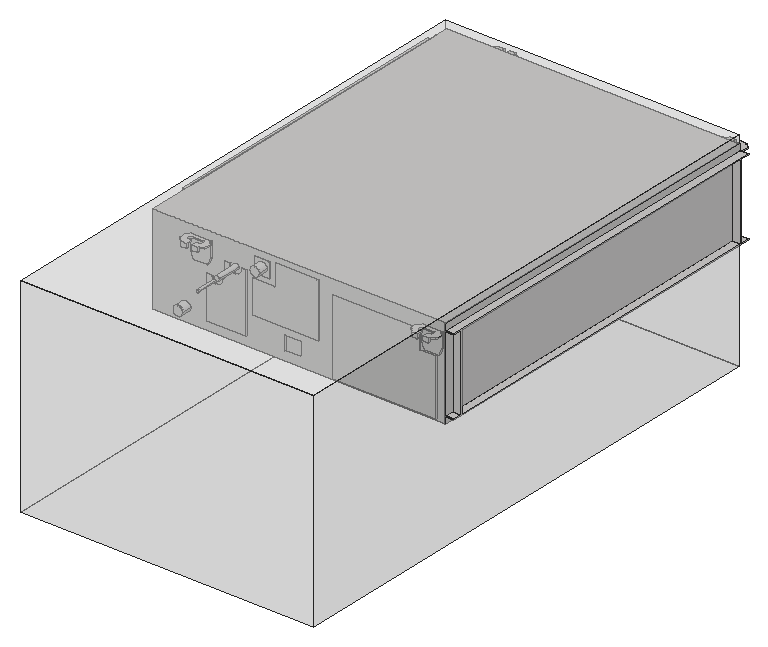
Revit family "outputfile", category 機械設備, Revit 2024
Family settings
  丸型コネクタ寸法 = 半径を使用
  パーツ タイプ = 標準
  OmniClass 番号 = 23.75.10.24.21.27.27
  OmniClass タイトル = Split System Air Conditioning Units
  作業面ベース = いいえ
  常に垂直 = はい
  ロード時にボイドで切り取り = いいえ
  注釈の向きを維持 = いいえ
  共有 = いいえ
  部屋計算ポイント = はい
Parameters (values of type "FBA50BAVMA8")
  製造元 = "Daikin"
  書き出し IFC クラス(タイプ) = "IfcUnitaryEquipmentType"
  定義済み IFC タイプ(タイプ) = "AIRCONDITIONINGUNIT"
  モデル = "FBA50BAVMA8"
  switch_frequency = yes
  r_Liquid Pipe Size = Liquid Pipe Size / 2  # 3.2 mm
  r_Gas Pipe Size = Gas Pipe Size / 2  # 6.35 mm
  r_Drain Pipe Size = Drain Pipe Size / 2  # 12.5 mm
  lw_power = 770.0 mm  # constant formula
  lh_SA = 138.0 mm  # constant formula
  lw_SA = if(Width = 550.0 mm, 225.0 mm, if(Width = 700.0 mm, 300.0 mm, if(Width = 1000.0 mm, 450.0 mm, if(Width = 1400.0 mm, 650.0 mm, 725.0 mm))))  # 450.0 mm
  lw_RA = if(Width = 550.0 mm, 275.0 mm, if(Width = 700.0 mm, 349.0 mm, if(Width = 1000.0 mm, 499.0 mm, if(Width = 1400.0 mm, 699.0 mm, 775.0 mm))))  # 499.0 mm
  lh_power = 60.0 mm + [h***]  # 60.0 mm
  lh_mountinghole1 = lh_mountinghole + [h***]  # 222.0 mm
  lh_RA = 123.0 mm  # constant formula
  ld_power = Width / 2  # 500.0 mm
  connector_voltage = Voltage_50Hz  # 230 V
  connector_powerinput = [Power Input (Cooling)]  # 1.370 kW
  connector_phase = Phase_50Hz  # 1
  Voltage_comment_60Hz = "220-230"
  Voltage_comment_50Hz = "220-240"
  Voltage_60Hz = 220 V
  Voltage_50Hz = 230 V
  Total Heating Capacity [instance] = 0.000 kW
  Supply Air Direction [instance] = yes
  Sound Power Level_H speed (dB) = 63
  Power Input (Heating) = 1.410 kW
  Phase_60Hz = 1
  Phase_50Hz = 1
  Nominal Heating Capacity = 6.000 kW
  Minimum External Static Pressure = 50.00 Pa
  Maximum External Static Pressure = 150.00 Pa
  Material_Casing = DAIKIN_GalvanizedSteel_Casing_indoorunit
  lw_mountinghole = 630.0 mm  # constant formula
  lh_gaspipe = 183.0 mm + [h***]  # 183.0 mm
  lh_mountinghole = 222.0 mm  # constant formula
  lh_liquidpipe = 136.0 mm + [h***]  # 136.0 mm
  lh_drainpipe = 207.0 mm + [h***]  # 207.0 mm
  lh_antena = Height - lh_mountinghole + 1.0 mm  # 24.0 mm
  ld_drainpipe = Width / 2 + 26.0 mm  # 526.0 mm
  ld_liquidpipe = Width / 2 + 69.0 mm  # 569.0 mm
  ld_gaspipe = Width / 2 + 65.0 mm  # 565.0 mm
  ld_mountinghole = Width + 38.0 mm  # 1038.0 mm
  h*** = 0.0 mm  # constant formula
  lw_liquidpipe = 179.0 mm  # constant formula
  lw_gaspipe = 229.0 mm  # constant formula
  lw_drainpipe = 300.0 mm  # constant formula
  Width = 1000.0 mm
  Version = "ver.1.0"
  Unit Type = "Duct"
  Unit Mass Weight = 37.00 kg
  Unit Designation [instance] = ""
  Uniclass2015Version = "Products v1.30"
  Uniclass2015Title = "Split coil room air conditioning units"
  Uniclass2015Code = "Pr_70_65_03_86"
  Total Cooling Capacity [instance] = 0.000 kW
  Sound Pressure Level_M speed (dBA) = 33
  Sound Pressure Level_L speed (dBA) = 31
  Sound Pressure Level_H speed (dBA) = 35
  Series = "SkyAir_Fan Coil Unit"
  Sensible Cooling Capacity [instance] = 0.000 kW
  SA Duct Size Width = 792.0 mm
  SA Duct Size Height = 176.0 mm
  Refrigerant Type = "R32"
  RA Duct Size Width = 952.0 mm
  RA Duct Size Height = 208.0 mm
  Power Input (Cooling) = 1.370 kW
  Option Accessory 3 [instance] = ""
  Option Accessory 2 [instance] = ""
  Option Accessory 1 [instance] = ""
  Nominal Cooling Capacity = 5.000 kW
  Minimum Airflow = 750.00 m³/h
  Median Airflow = 900.00 m³/h
  Maximum Airflow = 1080.00 m³/h
  Load Classification = HVAC
  Liquid Pipe Size = 6.4 mm
  Link_Nested Family [instance] = ""
  IfcVersion = ""
  IfcExportType = "AIRCONDITIONINGUNIT"
  IfcExportAs = "IfcUnitaryEquipmentType"
  Height = 245.0 mm
  Heating Entering Wet Bulb Temperature [instance] = -273.15 °C
  Heating Entering Dry Bulb Temperature [instance] = -273.15 °C
  Heating Ambient Wet Bulb Temperature [instance] = -273.15 °C
  Heating Ambient Dry Bulb Temperature [instance] = -273.15 °C
  Heat Exchanger Type = "Cross Fin Coil"
  Gas Pipe Size = 12.7 mm
  Frequency_60Hz = 60 Hz
  Frequency_50Hz = 50 Hz
  Fan Type = "Sirocco Fan"
  Fan Drive = "Direct Drive"
  FCU Tag No. [instance] = ""
  Drain Pipe Size = 25.0 mm
  Design Supply Airflow [instance] = 0.00 m³/h
  Design Return Airflow [instance] = 0.00 m³/h
  Design External Static Pressure [instance] = 0.00 Pa
  Depth = 800.0 mm
  既定の高さ = 0.0 mm
  Cooling Entering Wet Bulb Temperature [instance] = 0.00 °C
  Cooling Entering Dry Bulb Temperature [instance] = 0.00 °C
  Cooling Ambient Wet Bulb Temperature [instance] = 0.00 °C
  Cooling Ambient Dry Bulb Temperature [instance] = 0.00 °C
  Clearance visibility [instance] = yes
  Clearance Top = 20.0 mm
  Clearance Right = 0.0 mm
  Clearance Rear = 0.0 mm
  Clearance Left = 0.0 mm
  Clearance Front = 450.0 mm
  Clearance Bottom = 300.0 mm
Reference planes
  plane 1 "Center (Front/Back)": y = 0
  plane 2 "h": z = 0
  plane 3 "Center (Left/Right)": x = 0
  plane 4 "Back": y = 500
  plane 5 "Front": y = -500
  plane 6 "Left": x = -400
  plane 7 "Right": x = 400
  plane 8 "Top": z = 0
  plane 9 "Bottom": z = -245
  plane 10: y = -215
  plane 11: y = 500
  plane 12: y = -950
  plane 13: x = -400
  plane 14: x = 400
  plane 15: z = 20
  plane 16: z = -545
  plane 17: x = -400
  plane 18: x = -399
  plane 19: x = 399
  plane 20: y = 50
  plane 21: y = -1
  plane 22: z = -122
  plane 23: y = -501
  plane 24: z = -109
  plane 25: x = -221
  plane 26: y = -565
  plane 27: z = -62
  plane 28: x = -171
  plane 29: y = -526
  plane 30: z = -38
  plane 31: x = -100
  plane 32: x = -100
  plane 33: x = -221
  plane 34: x = -171
  plane 35: x = 370
  plane 36: x = -266
  plane 37: x = 364
  plane 38: y = -519
  plane 39: y = 519
  plane 40: z = -23
  plane 41: z = -107
  plane 42: y = -569
  plane 43: z = -207
  plane 44: x = -309
  plane 45: y = -376
  plane 46: x = -251
  plane 47: x = -203
  plane 48: x = -144
  plane 49: z = -59
  plane 50: z = -106
  plane 51: z = -221
  plane 52: z = -109
  plane 53: x = -221
  plane 54: z = -62
  plane 55: x = -171
  plane 56: z = -17
  plane 57: z = -59
  plane 58: x = -121
  plane 59: x = -79
  plane 60: x = -125
  plane 61: x = -64
  plane 62: x = 53
  plane 63: z = -164
  plane 64: z = -73
  plane 65: z = -16
  plane 66: x = 93.5
  plane 67: x = 374.5
  plane 68: x = 330
  plane 69: z = -88.5
  plane 70: z = -38
  plane 71: z = -242.5
  plane 72: x = -38.5
  plane 73: x = 6.5
  plane 74: z = -181
  plane 75: z = -221
  plane 76: y = -499
  plane 77: x = -424
  plane 78: x = 424
Forms (mm)
  Extrusion 1, solid, material "DAIKIN_GalvanizedSteel_Casing_indoorunit" <- "Material_Casing"
    sketch origin (0, 0, 0) x (1, 0, 0) y (0, 1, 0)
      loop
        line (-399, 500) -> (-399, -500) -> (399, -500) -> (399, 500) -> (-399, 500)
    from -245 to 0
  Extrusion 2, solid, material "DAIKIN_GalvanizedSteel_Casing_indoorunit" <- "Material_Casing"
    sketch origin (0, 0, 0) x (1, 0, 0) y (0, 0, 1)
      loop
        line (-251, -221) -> (-144, -221) -> (-144, -59) -> (-154.47, -59)
        arc (-154.47, -59) -> (-171, -78.8) -> (-187.53, -59) r 16.8
        line (-187.53, -59) -> (-203, -59) -> (-203, -106) -> (-206.916, -106)
        arc (-206.916, -106) -> (-221, -123.4) -> (-235.084, -106) r 14.4
        line (-235.084, -106) -> (-251, -106) -> (-251, -221)
    from 500 to 501
  Extrusion 3, solid, material "DAIKIN_GalvanizedSteel_Casing_indoorunit" <- "Material_Casing"
    sketch origin (0, 0, 0) x (1, 0, 0) y (0, 0, 1)
      loop
        line (-121, -17) -> (-121, -59) -> (-79, -59) -> (-79, -17) -> (-121, -17)
      loop
        line (-125, -73) -> (-125, -164) -> (53, -164) -> (53, -16) -> (-64, -16) -> (-64, -73) -> (-125, -73)
    from 500 to 501
  Extrusion 4, solid, material "DAIKIN_GalvanizedSteel_Casing_indoorunit" <- "Material_Casing"
    sketch origin (0, 0, 0) x (1, 0, 0) y (0, 0, 1)
      loop
        line (93.5, -38) -> (93.5, -242.5) -> (374.5, -242.5) -> (374.5, -88.5) -> (330, -88.5) -> (330, -38) -> (93.5, -38)
    from 500 to 501
  Extrusion 5, solid, material "DAIKIN_GalvanizedSteel_Casing_indoorunit" <- "Material_Casing"
    sketch origin (0, 0, 0) x (1, 0, 0) y (0, 0, 1)
      loop
        circle (-221, -109) r 3.2
    from 500 to 569
  Extrusion 6, solid, material "DAIKIN_GalvanizedSteel_Casing_indoorunit" <- "Material_Casing"
    sketch origin (0, 0, 0) x (1, 0, 0) y (0, 0, 1)
      loop
        circle (-171, -62) r 6.35
    from 500 to 565
  Extrusion 7, solid, material "DAIKIN_GalvanizedSteel_Casing_indoorunit" <- "Material_Casing"
    sketch origin (0, 0, 0) x (1, 0, 0) y (0, 0, 1)
      loop
        circle (-100, -38) r 12.5
    from 501 to 526
  Extrusion 8, solid, material "DAIKIN_GalvanizedSteel_Casing_indoorunit" <- "Material_Casing"
    sketch origin (0, 0, 0) x (1, 0, 0) y (0, 0, 1)
      loop
        circle (-309, -207) r 13
    from 500 to 526
  Extrusion 9, void
    sketch origin (0, 0, 0) x (1, 0, 0) y (0, 0, 1)
      loop
        line (-38.5, -181) -> (-38.5, -221) -> (6.5, -221) -> (6.5, -181) -> (-38.5, -181)
    from 499 to 500
Cuts and joins
  Extrusion 9 cuts Extrusion 1
Dimensions and locks
  "Height": plane 8 "Top" to plane 9 "Bottom"
  equal spacing: plane 4 "Back", plane 1 "Center (Front/Back)", plane 5 "Front"
  "Width": plane 4 "Back" to plane 5 "Front"
  equal spacing: plane 6 "Left", plane 3 "Center (Left/Right)", plane 7 "Right"
  "Depth": plane 6 "Left" to plane 7 "Right"
  "Clearance Left": plane 13 to plane 6 "Left"
  "Clearance Right": plane 7 "Right" to plane 14
  "Clearance Rear": plane 11 to plane 4 "Back"
  "Clearance Front": plane 5 "Front" to plane 12
  "Clearance Top": plane 15 to plane 8 "Top"
  "Clearance Bottom": plane 9 "Bottom" to plane 16
  locked: plane 17 to plane 18 at 1
  locked: plane 19 to plane 14 at 1
  "lw_SA": plane 11 to plane 20
  "lw_RA": plane 21 to plane 5 "Front"
  "lh_RA": plane 22 to plane 9 "Bottom"
  locked: plane 5 "Front" to plane 23 at 1
  "lw_liquidpipe": plane 25 to plane 6 "Left"
  "lh_liquidpipe": plane 24 to plane 9 "Bottom"
  "lh_gaspipe": plane 27 to plane 9 "Bottom"
  "lw_gaspipe": plane 28 to plane 6 "Left"
  "ld_gaspipe": plane 26 to plane 1 "Center (Front/Back)"
  "ld_drainpipe": plane 29 to plane 1 "Center (Front/Back)"
  "lh_drainpipe": plane 30 to plane 9 "Bottom"
  "lw_drainpipe": plane 31 to plane 6 "Left"
  "lw_drainpipe": plane 6 "Left" to plane 32
  "lw_liquidpipe": plane 6 "Left" to plane 33
  "lw_gaspipe": plane 6 "Left" to plane 34
  "lw_power": plane 6 "Left" to plane 35
  locked: plane 17 to plane 36 at 134
  "lw_mountinghole": plane 36 to plane 37
  equal spacing: plane 38, plane 1 "Center (Front/Back)", plane 39
  "ld_mountinghole": plane 39 to plane 38
  "lh_mountinghole": plane 40 to plane 9 "Bottom"
  "lh_SA": plane 41 to plane 9 "Bottom"
  locked: plane 44 to plane 6 "Left" at 91
  locked: plane 43 to plane 9 "Bottom" at 38
  plane 48 to plane 47 to plane 46 to plane 6 "Left" = 59.0 mm, 48.0 mm, 149.0 mm
  plane 8 "Top" to plane 49 to plane 50 to plane 51 = 59.0 mm locked, 47.0 mm locked, 115.0 mm locked
  plane 55 to plane 53 to plane 6 "Left" = 50.0 mm locked, 179.0 mm locked
  plane 54 to plane 52 to plane 9 "Bottom" = 47.0 mm locked, 136.0 mm locked
  plane 59 to plane 58 to plane 6 "Left" = 42.0 mm locked, 279.0 mm locked
  plane 8 "Top" to plane 56 to plane 57 = 17.0 mm locked, 42.0 mm locked
  plane 62 to plane 61 to plane 60 to plane 6 "Left" = 117.0 mm, 61.0 mm, 275.0 mm
  plane 8 "Top" to plane 65 to plane 64 = 16.0 mm locked, 57.0 mm locked
  locked: plane 65 to plane 63 at 148
  plane 8 "Top" to plane 70 to plane 69 to plane 71 = 38.0 mm locked, 50.5 mm locked, 154.0 mm locked
  plane 67 to plane 68 to plane 66 to plane 6 "Left" = 44.5 mm locked, 236.5 mm locked, 493.5 mm locked
  plane 8 "Top" to plane 74 to plane 75 = 181.0 mm locked, 40.0 mm locked
  plane 73 to plane 72 to plane 6 "Left" = 45.0 mm, 361.5 mm
  locked: plane 76 to plane 5 "Front" at 1
  locked: plane 77 to plane 17 at 24
  locked: plane 14 to plane 78 at 24
  "ld_liquidpipe": plane 42 to plane 1 "Center (Front/Back)"
  "r_Liquid Pipe Size": radius of Extrusion 5 sketch curve
  "r_Gas Pipe Size": radius of Extrusion 6 sketch curve
  "r_Drain Pipe Size": radius of Extrusion 7 sketch curve
  aligned and locked: level to plane 2 "h"
  aligned and locked: plane 8 "Top" to Extrusion 1
  aligned and locked: Extrusion 1 to plane 9 "Bottom"
  aligned and locked: nested 5 to plane 12
  aligned and locked: plane 13 to nested 5
  aligned and locked: plane 14 to nested 5
  aligned and locked: nested 5 to plane 13
  aligned and locked: plane 11 to nested 5
  aligned and locked: plane 15 to nested 5
  aligned and locked: plane 16 to nested 5
  aligned and locked: plane 5 "Front" to Extrusion 1 sketch curve
  aligned and locked: Extrusion 1 to plane 18
  aligned and locked: plane 19 to Extrusion 1
  aligned and locked: nested 7 to plane 18
  aligned and locked: nested 7 to plane 20
  aligned and locked: plane 19 to nested 8
  aligned and locked: plane 21 to nested 8
  aligned and locked: plane 22 to nested 8
  aligned and locked: Extrusion 2 to plane 23
  aligned and locked: plane 5 "Front" to Extrusion 2
  aligned and locked: Extrusion 3 to plane 23
  aligned and locked: plane 5 "Front" to Extrusion 3
  aligned and locked: plane 5 "Front" to Extrusion 4
  aligned and locked: Extrusion 5 sketch curve to plane 25
  aligned and locked: plane 24 to Extrusion 5 sketch curve
  aligned and locked: plane 5 "Front" to Extrusion 5
  aligned and locked: Extrusion 6 sketch curve to plane 28
  aligned and locked: plane 27 to Extrusion 6 sketch curve
  aligned and locked: plane 5 "Front" to Extrusion 6
  aligned and locked: Extrusion 7 sketch curve to plane 31
  aligned and locked: Extrusion 7 sketch curve to plane 30
  aligned and locked: Extrusion 7 to plane 29
  aligned and locked: plane 23 to Extrusion 7
  aligned and locked: nested 3 to plane 29
  aligned and locked: plane 32 to nested 3
  aligned and locked: nested 2 to plane 33
  aligned and locked: nested 1 to plane 34
  aligned and locked: Extrusion 6 to plane 26
  aligned and locked: nested 1 to plane 26
  aligned and locked: nested 6 to plane 5 "Front"
  aligned and locked: nested 6 to plane 35
  aligned and locked: plane 36 to nested 10
  aligned and locked: nested 10 to plane 5 "Front"
  aligned and locked: plane 37 to nested 9
  aligned and locked: nested 9 to plane 5 "Front"
  aligned and locked: nested 11 to plane 36
  aligned and locked: plane 4 "Back" to nested 11
  aligned and locked: nested 12 to plane 37
  aligned and locked: plane 4 "Back" to nested 12
  aligned and locked: plane 40 to nested 10
  aligned and locked: plane 40 to nested 11
  aligned and locked: plane 40 to nested 9
  aligned and locked: plane 40 to nested 12
  aligned and locked: plane 36 to nested 14
  aligned and locked: nested 14 to plane 39
  aligned and locked: plane 37 to nested 13
  aligned and locked: nested 13 to plane 39
  aligned and locked: plane 37 to nested 16
  aligned and locked: plane 38 to nested 16
  aligned and locked: plane 38 to nested 15
  aligned and locked: plane 36 to nested 15
  aligned and locked: plane 17 to plane 6 "Left"
  aligned and locked: plane 41 to nested 7
  aligned and locked: Extrusion 5 to plane 42
  aligned and locked: nested 2 to plane 42
  aligned and locked: Extrusion 8 sketch curve to plane 44
  aligned and locked: plane 43 to Extrusion 8 sketch curve
  aligned and locked: plane 5 "Front" to Extrusion 8
  aligned and locked: Extrusion 3 sketch curve to plane 56
  aligned and locked: Extrusion 3 sketch curve to plane 58
  aligned and locked: plane 57 to Extrusion 3 sketch curve
  aligned and locked: plane 59 to Extrusion 3 sketch curve
  aligned and locked: Extrusion 4 to plane 23
  aligned and locked: Extrusion 9 sketch curve to plane 74
  aligned and locked: plane 75 to Extrusion 9 sketch curve
  aligned and locked: plane 73 to Extrusion 9 sketch curve
  aligned and locked: plane 5 "Front" to Extrusion 9
  aligned and locked: plane 76 to Extrusion 9
  aligned and locked: nested 17 to plane 20
  aligned and locked: nested 17 to plane 77
  aligned and locked: plane 21 to nested 18
  aligned and locked: plane 78 to nested 18
  aligned and locked: plane 41 to nested 17
  aligned and locked: nested 18 to plane 22
  aligned and locked: nested 4 to plane 3 "Center (Left/Right)"
  aligned and locked: plane 1 "Center (Front/Back)" to nested 4
  aligned and locked: level to plane 8 "Top"
Automatic sketch dimensions
  plane 6 "Left" to Extrusion 1 sketch curve = 1.0 mm
  Extrusion 1 sketch curve to plane 7 "Right" = 1.0 mm
  Extrusion 1 sketch curve to plane 4 "Back" = 0.0 mm
  Extrusion 2 sketch curve to plane 46 = 0.0 mm
  Extrusion 2 sketch curve to plane 33 = 0.0 mm
  Extrusion 2 sketch curve to plane 47 = 0.0 mm
  Extrusion 2 sketch curve to plane 34 = 0.0 mm
  Extrusion 2 sketch curve to plane 48 = 0.0 mm
  Extrusion 2 sketch curve to plane 51 = 0.0 mm
  Extrusion 2 sketch curve to plane 52 = 0.0 mm
  Extrusion 2 sketch curve to plane 50 = 0.0 mm  (x3)
  Extrusion 2 sketch curve to plane 54 = 0.0 mm
  Extrusion 2 sketch curve to plane 49 = 0.0 mm  (x3)
  plane 33 to Extrusion 2 sketch curve = 14.084 mm
  plane 34 to Extrusion 2 sketch curve = 16.53 mm
  Extrusion 3 sketch curve to plane 60 = 0.0 mm
  Extrusion 3 sketch curve to plane 61 = 0.0 mm
  Extrusion 3 sketch curve to plane 62 = 0.0 mm
  Extrusion 3 sketch curve to plane 63 = 0.0 mm
  Extrusion 3 sketch curve to plane 64 = 0.0 mm
  Extrusion 3 sketch curve to plane 65 = 0.0 mm
  Extrusion 4 sketch curve to plane 66 = 0.0 mm
  Extrusion 4 sketch curve to plane 68 = 0.0 mm
  Extrusion 4 sketch curve to plane 67 = 0.0 mm
  Extrusion 4 sketch curve to plane 71 = 0.0 mm
  Extrusion 4 sketch curve to plane 69 = 0.0 mm
  Extrusion 4 sketch curve to plane 70 = 0.0 mm
  Extrusion 9 sketch curve to plane 72 = 0.0 mm
  radius of Extrusion 8 sketch curve = 13.0 mm
Nested families
  nested 1: "daikin_connector_rotate2" at (-171, 0, -62), length <- "ld_gaspipe", built-in parameter 1001364 <- "lh_gaspipe", radius <- "r_Gas Pipe Size", type "daikin_connector_rotate2"
    with radius 6.35 mm, length 565.0 mm, angle_vertical 90.00°
  nested 2: "daikin_connector_rotate2" at (-221, 0, -109), length <- "ld_liquidpipe", built-in parameter 1001364 <- "lh_liquidpipe", radius <- "r_Liquid Pipe Size", type "daikin_connector_rotate2"
    with radius 3.2 mm, length 569.0 mm, angle_vertical 90.00°
  nested 3: "daikin_connector_rotate2" at (-100, 0, -38), length <- "ld_drainpipe", built-in parameter 1001364 <- "lh_drainpipe", radius <- "r_Drain Pipe Size", type "daikin_connector_rotate2"
    with radius 12.5 mm, length 526.0 mm, angle_vertical 90.00°
  nested 4: "daikin_△_symbolicline" at (0, 0, 245) x (0, -1, 0) z (0, 0, 1), built-in parameter 1001364 <- "Height", visible <- "Supply Air Direction", type "daikin_△_symbolicline"
    with length 200.0 mm
  nested 5: "daikin_clearancespace" at (0, -225, -262.381), visible <- "Clearance visibility", show <- "Clearance visibility", Link_Nested Family <- "Link_Nested Family", type "daikin_clearancespace"
    with width 800.0 mm, show yes, height 565.0 mm, depth 1450.0 mm, Link_Nested Family ""
  nested 6: "daikin_connector_rotate2" at (370, 0, -185), built-in parameter 1001364 <- "lh_power", length <- "ld_power", type "daikin_connector_rotate2"
    with radius 10.0 mm, length 500.0 mm, angle_vertical 90.00°
  nested 7: "daikin_ductflange_FBA-BAVMA8_2" at (-399, 50, -107) x (0, -1, 0) z (0, 0, 1), type "daikin_ductflange_FBA-BAVMA8_2"
    with width 792.0 mm, w 1000.0 mm
  nested 8: "daikin_ductflange_FBA-BAVMA8" at (399, -1, -122) x (0, 1, 0) z (0, 0, 1), type "daikin_ductflange_FBA-BAVMA8"
    with width 952.0 mm, lw 25.0 mm, w 1000.0 mm
  nested 9: "daikin_hangerfixture_FBA-BAVMA8" at (364, -500, -23), type "daikin_hangerfixture_FBA-BAVMA8"
  nested 10: "daikin_hangerfixture_FBA-BAVMA8" at (-266, -500, -23), type "daikin_hangerfixture_FBA-BAVMA8"
  nested 11: "daikin_hangerfixture_FBA-BAVMA8" at (-266, 500, -23) x (-1, 0, 0) z (0, 0, 1), type "daikin_hangerfixture_FBA-BAVMA8"
  nested 12: "daikin_hangerfixture_FBA-BAVMA8" at (364, 500, -23) x (-1, 0, 0) z (0, 0, 1), type "daikin_hangerfixture_FBA-BAVMA8"
  nested 13: "daikin_mountinghole" at (364, 519, -245), h_mountinghole <- "lh_mountinghole1", l_antenna <- "lh_antena", Link_Nested Family <- "Link_Nested Family", type "daikin_mountinghole"
    with show yes, l_antenna 24.0 mm, h_mountinghole 222.0 mm, Link_Nested Family ""
  nested 14: "daikin_mountinghole" at (-266, 519, -245), h_mountinghole <- "lh_mountinghole1", l_antenna <- "lh_antena", Link_Nested Family <- "Link_Nested Family", type "daikin_mountinghole"
    with show yes, l_antenna 24.0 mm, h_mountinghole 222.0 mm, Link_Nested Family ""
  nested 15: "daikin_mountinghole" at (-266, -519, -245), h_mountinghole <- "lh_mountinghole1", l_antenna <- "lh_antena", Link_Nested Family <- "Link_Nested Family", type "daikin_mountinghole"
    with show yes, l_antenna 24.0 mm, h_mountinghole 222.0 mm, Link_Nested Family ""
  nested 16: "daikin_mountinghole" at (364, -519, -245), h_mountinghole <- "lh_mountinghole1", l_antenna <- "lh_antena", Link_Nested Family <- "Link_Nested Family", type "daikin_mountinghole"
    with show yes, l_antenna 24.0 mm, h_mountinghole 222.0 mm, Link_Nested Family ""
  nested 17: "daikin_connector_rotate2" at (-400, 50, -107) x (0, -1, 0) z (0, 0, 1), type "daikin_connector_rotate2"
    with radius 10.0 mm, length 24.0 mm, angle_vertical 90.00°
  nested 18: "daikin_connector_rotate2" at (400, -1, -122) x (0, 1, 0) z (0, 0, 1), type "daikin_connector_rotate2"
    with radius 10.0 mm, length 24.0 mm, angle_vertical 90.00°
Connectors
  piping at (-100, -526, -38), diameter 25, driven by "r_Drain Pipe Size"
    settings: on nested 3, index 3, connector inside diameter 609.6 mm, connector length 0.0 mm, flow factor 0, pipe flow 0.00 m³/h, pressure drop 0.0 Pa, fitting loss kfactor 0, connector angle 0.00°, fixture units 0, engagement length 0.0 mm, angle of deflection 0.00°, flow configuration 1, flow direction 2, fitting loss method 4, system type 16, joint type 0, gender type 0, connector reference index -1, connector utility 0, adjustable connector no, is connector primary yes, connector description "Condensate Drain Piping"
  piping at (-171, -565, -62), diameter 12.7, driven by "r_Gas Pipe Size"
    settings: on nested 1, index 4, connector inside diameter 609.6 mm, connector length 0.0 mm, flow factor 0, pipe flow 0.00 m³/h, pressure drop 0.0 Pa, fitting loss kfactor 0, connector angle 0.00°, fixture units 0, engagement length 0.0 mm, angle of deflection 0.00°, flow configuration 1, flow direction 2, fitting loss method 0, system type 29, joint type 0, gender type 0, connector reference index -1, connector utility 0, adjustable connector no, is connector primary no, connector description "Refrigerant Gas Piping"
  piping at (-221, -569, -109), diameter 6.4, driven by "r_Liquid Pipe Size"
    settings: on nested 2, index 5, connector inside diameter 609.6 mm, connector length 0.0 mm, flow factor 0, pipe flow 0.00 m³/h, pressure drop 0.0 Pa, fitting loss kfactor 0, connector angle 0.00°, fixture units 0, engagement length 0.0 mm, angle of deflection 0.00°, flow configuration 1, flow direction 1, fitting loss method 0, system type 29, joint type 0, gender type 0, connector reference index -1, connector utility 0, adjustable connector no, is connector primary no, connector description "Refrigerant Liquid Piping"
  electrical at (370, -500, -185), driven by "Load Classification", driven by "connector_voltage", driven by "connector_phase", driven by "connector_powerinput"
    settings: on nested 6, index 6, voltage 230 V, apparent load 1370 VA, apparent load phase1 0 VA, apparent load phase2 0 VA, apparent load phase3 0 VA, power factor 1, load classification "HVAC", number of poles 1, system type 30, power factor state 1, is connector primary yes, connector utility no, sub classification motor no, connector description "Power Supply"
  hvac at (-424, 50, -107), driven by "SA Duct Size Height", driven by "SA Duct Size Width"
    settings: on nested 17, index 7, duct flow 0.00 m³/h, flow factor 0, pres drop 0.00 Pa, loss coef 0, conn angle 0.00°, conn width 792.0 mm, conn height 176.0 mm, conn diameter 609.6 mm, duct sys type 1, conn prof type 1, flow config 0, flow direction 2, loss method 4, conn ref index -1, conn util no, is conn primary yes, conn desc "SA Duct"
  hvac at (424, -1, -122), driven by "RA Duct Size Height", driven by "RA Duct Size Width"
    settings: on nested 18, index 8, duct flow 0.00 m³/h, flow factor 0, pres drop 0.00 Pa, loss coef 0, conn angle 0.00°, conn width 952.0 mm, conn height 208.0 mm, conn diameter 609.6 mm, duct sys type 2, conn prof type 1, flow config 0, flow direction 1, loss method 4, conn ref index -1, conn util no, is conn primary no, conn desc "RA Duct"
Definition of nested family "daikin_clearancespace"
  Parameters (values of type "daikin_clearancespace")
    Description = "daikin_clearancespace"
    width [instance] = 1823.963 mm
    show [instance] = yes
    material = none
    height [instance] = 1359.762 mm
    depth [instance] = 880.0 mm
    Default Elevation = 0.0 mm
    Link_Nested Family [instance] = ""
  Reference planes
    plane 1 "Center (Front/Back)": y = 0
    plane 2 "Center (Elevation)": z = -0.119
    plane 3 "Center (Left/Right)": x = 0
    plane 4: y = 440
    plane 5: y = -440
    plane 6 "Right": x = 911.982
    plane 7 "Left": x = -911.982
    plane 8 "Top": z = 679.762
    plane 9 "Bottom": z = -680
  Forms (mm)
    Extrusion 1, solid, material <- "material", visible <- "show"
      sketch origin (0, 0, 0) x (1, 0, 0) y (0, 1, 0)
        loop
          line (-911.982, 440) -> (-911.982, -440) -> (911.982, -440) -> (911.982, 440) -> (-911.982, 440)
      from -680 to 679.762
  Lines and regions (mm)
    symbolic lines, visible <- "show"
      curve 1: line (911.982, 440, 0) -> (-911.982, 440, 0)
      curve 2: line (-911.982, 440, 0) -> (-911.982, -440, 0)
      curve 3: line (-911.982, -440, 0) -> (911.982, -440, 0)
      curve 4: line (911.982, -440, 0) -> (911.982, 440, 0)
      curve 5: line (911.982, 0, 679.762) -> (-911.982, 0, 679.762)
      curve 6: line (911.982, 0, -680) -> (911.982, 0, 679.762)
      curve 7: line (-911.982, 0, -680) -> (911.982, 0, -680)
      curve 8: line (-911.982, 0, 679.762) -> (-911.982, 0, -680)
      curve 9: line (0, 440, 679.762) -> (0, -440, 679.762)
      curve 10: line (0, -440, 679.762) -> (0, -440, -680)
      curve 11: line (0, 440, -680) -> (0, 440, 679.762)
      curve 12: line (0, -440, -680) -> (0, 440, -680)
  Dimensions and locks
    "width": plane 7 "Left" to plane 6 "Right"
    "depth": plane 4 to plane 5
    "height": plane 8 "Top" to plane 9 "Bottom"
    equal spacing: plane 7 "Left", plane 3 "Center (Left/Right)", plane 6 "Right"
    equal spacing: plane 4, plane 1 "Center (Front/Back)", plane 5
    equal spacing: plane 8 "Top", plane 2 "Center (Elevation)", plane 9 "Bottom"
    aligned and locked: level to plane 2 "Center (Elevation)"
    aligned and locked: Extrusion 1 sketch curve to plane 4
    aligned and locked: plane 7 "Left" to Extrusion 1 sketch curve
    aligned and locked: Extrusion 1 sketch curve to plane 5
    aligned and locked: Extrusion 1 sketch curve to plane 6 "Right"
    aligned and locked: plane 8 "Top" to Extrusion 1
    aligned and locked: curve 1 to Extrusion 1
    aligned and locked: curve 2 to Extrusion 1
    aligned and locked: curve 3 to Extrusion 1
    aligned and locked: curve 4 to Extrusion 1
    aligned and locked: curve 5 to Extrusion 1
    aligned and locked: curve 6 to Extrusion 1
    aligned and locked: curve 7 to Extrusion 1
    aligned and locked: curve 8 to Extrusion 1
    aligned and locked: curve 9 to Extrusion 1
    aligned and locked: curve 10 to Extrusion 1
    aligned and locked: curve 11 to Extrusion 1
    aligned and locked: curve 12 to Extrusion 1
    aligned and locked: Extrusion 1 to plane 9 "Bottom"
Definition of nested family "daikin_ductflange_FBA-BAVMA8_2"
  Parameters (values of type "daikin_ductflange_FBFC-DVMG2")
    width = if(w = 550.0 mm, 337.0 mm, if(w = 700.0 mm, 492.0 mm, if(w = 1000.0 mm, 792.0 mm, if(w = 1400.0 mm, 1192.0 mm, 1337.0 mm))))  # 1192.0 mm
    material = none
    height = 215.0 mm
    depth = 1.0 mm
    w = 1400.0 mm
    Default Elevation = 0.0 mm
  Reference planes
    plane 1 "Center (Front/Back)": y = 0
    plane 2: z = 0
    plane 3 "Center (Left/Right)": x = 0
    plane 4: z = 88
    plane 5: z = -88
    plane 6: y = -25
    plane 7: z = 106
    plane 8: z = 89
    plane 9: y = -1
    plane 10: x = -617.5
    plane 11: x = 617.5
    plane 12: z = -106
    plane 13: z = -89
    plane 14: y = -1
    plane 15: x = 596
    plane 16: x = -596
    plane 17: x = 597
    plane 18: z = 87
    plane 19: z = -87
    plane 20: x = -597
    plane 21: z = 87
    plane 22: z = -87
    plane 23: y = -1
  Forms (mm)
    Extrusion 1, solid, material <- "material"
      sketch origin (0, 0, 0) x (0, 1, 0) y (0, 0, 1)
        loop
          line (-25, 88) -> (0, 88) -> (0, 106) -> (-1, 106) -> (-1, 89) -> (-25, 89) -> (-25, 88)
      from -617.5 to 617.5
    Extrusion 2, solid, material <- "material"
      sketch origin (0, 0, 0) x (0, 1, 0) y (0, 0, 1)
        loop
          line (-25, -88) -> (-25, -89) -> (-1, -89) -> (-1, -106) -> (0, -106) -> (0, -88) -> (-25, -88)
      from -617.5 to 617.5
    Extrusion 3, solid, material <- "material"
      sketch origin (0, 0, 0) x (1, 0, 0) y (0, 0, 1)
        loop
          line (596, 88) -> (596, -88) -> (617.5, -88) -> (617.5, -87) -> (597, -87) -> (597, 87) -> (617.5, 87) -> (617.5, 88) -> (596, 88)
      from 0 to 25
    Extrusion 4, solid, material <- "material"
      sketch origin (0, 0, 0) x (1, 0, 0) y (0, 0, 1)
        loop
          line (-617.5, 88) -> (-617.5, 87) -> (-597, 87) -> (-597, -87) -> (-617.5, -87) -> (-617.5, -88) -> (-596, -88) -> (-596, 88) -> (-617.5, 88)
      from 0 to 25
    Extrusion 5, solid, material <- "material"
      sketch origin (0, 0, 0) x (1, 0, 0) y (0, 0, 1)
        loop
          line (-617.5, 88) -> (-617.5, -88) -> (-596, -88) -> (-596, 88) -> (-617.5, 88)
        loop
          line (617.5, 88) -> (596, 88) -> (596, -88) -> (617.5, -88) -> (617.5, 88)
      from 0 to 1
  Cuts and joins
    joined: Extrusion 1, Extrusion 2, Extrusion 3, Extrusion 4, Extrusion 5
  Dimensions and locks
    plane 4 to level to plane 5 = 88.0 mm, 88.0 mm
    locked: plane 6 to plane 1 "Center (Front/Back)" at 25
    locked: plane 9 to plane 1 "Center (Front/Back)" at 1
    locked: plane 8 to plane 4 at 1
    locked: plane 16 to plane 10 at 21.5
    locked: plane 17 to plane 15 at 1
    locked: plane 4 to plane 18 at 1
    locked: plane 19 to plane 5 at 1
    "width": plane 15 to plane 16
    plane 4 to plane 5 = 176.0 mm
    locked: plane 16 to plane 20 at 1
    locked: plane 4 to plane 21 at 1
    locked: plane 22 to plane 5 at 1
    locked: plane 23 to plane 1 "Center (Front/Back)" at 1
    plane 4 to level to plane 5 = 88.0 mm locked, 88.0 mm locked
    locked: plane 5 to plane 13 at 1
    locked: plane 5 to plane 12 at 18
    locked: plane 7 to plane 4 at 18
    equal spacing: plane 15, plane 3 "Center (Left/Right)", plane 16
    locked: plane 11 to plane 15 at 21.5
    plane 11 to plane 10 = 1235.0 mm
    aligned and locked: level to plane 2
    aligned and locked: Extrusion 1 to plane 10
    aligned and locked: plane 11 to Extrusion 1
    aligned and locked: plane 5 to Extrusion 2
    aligned and locked: Extrusion 2 to plane 1 "Center (Front/Back)"
    aligned and locked: plane 15 to Extrusion 3 sketch curve
    aligned and locked: Extrusion 3 sketch curve to Extrusion 2  (x2)
    aligned and locked: Extrusion 3 sketch curve to plane 11
    aligned and locked: plane 6 to Extrusion 3
    aligned and locked: Extrusion 2 to plane 10
    aligned and locked: plane 11 to Extrusion 2
    aligned and locked: Extrusion 4 sketch curve to Extrusion 1  (x2)
    aligned and locked: plane 5 to Extrusion 4 sketch curve
    aligned and locked: Extrusion 4 sketch curve to plane 16
    aligned and locked: Extrusion 4 sketch curve to plane 22
    aligned and locked: plane 20 to Extrusion 4 sketch curve
    aligned and locked: plane 21 to Extrusion 4 sketch curve
    aligned and locked: Extrusion 4 to plane 1 "Center (Front/Back)"
    aligned and locked: plane 6 to Extrusion 4
    aligned and locked: Extrusion 5 sketch curve to Extrusion 1  (x4)
    aligned and locked: Extrusion 5 sketch curve to Extrusion 4  (x2)
    aligned and locked: Extrusion 5 sketch curve to Extrusion 3  (x2)
    aligned and locked: Extrusion 5 to plane 1 "Center (Front/Back)"
    aligned and locked: plane 23 to Extrusion 5
  Automatic sketch dimensions
    Extrusion 1 sketch curve to plane 6 = 0.0 mm
    Extrusion 1 sketch curve to plane 7 = 0.0 mm
    Extrusion 1 sketch curve to plane 9 = 0.0 mm
    Extrusion 1 sketch curve to plane 1 "Center (Front/Back)" = 0.0 mm
    Extrusion 1 sketch curve to plane 4 = 0.0 mm
    Extrusion 1 sketch curve to plane 8 = 0.0 mm
    Extrusion 2 sketch curve to plane 6 = 0.0 mm
    plane 12 to Extrusion 2 sketch curve = 0.0 mm
    Extrusion 2 sketch curve to plane 14 = 0.0 mm
    Extrusion 2 sketch curve to plane 1 "Center (Front/Back)" = 0.0 mm
    plane 13 to Extrusion 2 sketch curve = 0.0 mm
    Extrusion 2 sketch curve to plane 5 = 0.0 mm
    Extrusion 3 sketch curve to plane 17 = 0.0 mm
    Extrusion 3 sketch curve to plane 19 = 0.0 mm
    Extrusion 3 sketch curve to plane 18 = 0.0 mm
    Extrusion 3 sketch curve to plane 4 = 0.0 mm
    Extrusion 4 sketch curve to plane 10 = 0.0 mm
Definition of nested family "daikin_ductflange_FBA-BAVMA8"
  Parameters (values of type "daikin_ductflange_FBFC-DVMG")
    width = if(w = 550.0 mm, 502.0 mm, if(w = 700.0 mm, 654.0 mm, if(w = 1000.0 mm, 952.0 mm, if(w = 1400.0 mm, 1352.0 mm, 1502.0 mm))))  # 654.0 mm
    material = none
    lw = if(width = 654.0 mm, 23.0 mm, 25.0 mm)  # 23.0 mm
    height = 208.0 mm
    depth = 1.0 mm
    w = 700.0 mm
    Default Elevation = 0.0 mm
  Reference planes
    plane 1 "Center (Front/Back)": y = 0
    plane 2: z = 0
    plane 3 "Center (Left/Right)": x = 0
    plane 4: z = 104
    plane 5: z = -104
    plane 6: y = -25
    plane 7: z = 121
    plane 8: z = 105
    plane 9: y = -1
    plane 10: x = -350
    plane 11: x = 350
    plane 12: z = -122
    plane 13: z = -105
    plane 14: y = -1
    plane 15: x = 327
    plane 16: x = -327
    plane 17: x = 328
    plane 18: z = 103
    plane 19: z = -103
    plane 20: x = -328
    plane 21: z = 103
    plane 22: z = -103
    plane 23: y = -1
  Forms (mm)
    Extrusion 1, solid, material <- "material"
      sketch origin (0, 0, 0) x (0, 1, 0) y (0, 0, 1)
        loop
          line (-25, 104) -> (0, 104) -> (0, 121) -> (-1, 121) -> (-1, 105) -> (-25, 105) -> (-25, 104)
      from -350 to 350
    Extrusion 2, solid, material <- "material"
      sketch origin (0, 0, 0) x (0, 1, 0) y (0, 0, 1)
        loop
          line (-25, -104) -> (-25, -105) -> (-1, -105) -> (-1, -122) -> (0, -122) -> (0, -104) -> (-25, -104)
      from -350 to 350
    Extrusion 3, solid, material <- "material"
      sketch origin (0, 0, 0) x (1, 0, 0) y (0, 0, 1)
        loop
          line (327, 104) -> (327, -104) -> (350, -104) -> (350, -103) -> (328, -103) -> (328, 103) -> (350, 103) -> (350, 104) -> (327, 104)
      from 0 to 25
    Extrusion 4, solid, material <- "material"
      sketch origin (0, 0, 0) x (1, 0, 0) y (0, 0, 1)
        loop
          line (-350, 104) -> (-350, 103) -> (-328, 103) -> (-328, -103) -> (-350, -103) -> (-350, -104) -> (-327, -104) -> (-327, 104) -> (-350, 104)
      from 0 to 25
    Extrusion 5, solid, material <- "material"
      sketch origin (0, 0, 0) x (1, 0, 0) y (0, 0, 1)
        loop
          line (-350, 104) -> (-350, -104) -> (-327, -104) -> (-327, 104) -> (-350, 104)
        loop
          line (350, 104) -> (327, 104) -> (327, -104) -> (350, -104) -> (350, 104)
      from 0 to 1
  Cuts and joins
    joined: Extrusion 1, Extrusion 2, Extrusion 3, Extrusion 4, Extrusion 5
  Dimensions and locks
    plane 4 to level to plane 5 = 104.0 mm, 104.0 mm
    locked: plane 6 to plane 1 "Center (Front/Back)" at 25
    locked: plane 9 to plane 1 "Center (Front/Back)" at 1
    locked: plane 8 to plane 4 at 1
    "lw": plane 11 to plane 15
    "lw": plane 16 to plane 10
    locked: plane 17 to plane 15 at 1
    locked: plane 4 to plane 18 at 1
    locked: plane 19 to plane 5 at 1
    "width": plane 15 to plane 16
    equal spacing: plane 15, plane 3 "Center (Left/Right)", plane 16
    locked: plane 16 to plane 20 at 1
    locked: plane 4 to plane 21 at 1
    locked: plane 22 to plane 5 at 1
    locked: plane 23 to plane 1 "Center (Front/Back)" at 1
    locked: plane 7 to plane 4 at 17
    locked: plane 1 "Center (Front/Back)" to plane 14 at 1
    locked: plane 5 to plane 13 at 1
    "height": plane 4 to plane 5
    plane 11 to plane 10 = 700.0 mm
    locked: plane 12 to plane 13 at 17
    equal spacing: plane 4, level, plane 5
    aligned and locked: level to plane 2
    aligned and locked: Extrusion 1 to plane 10
    aligned and locked: plane 11 to Extrusion 1
    aligned and locked: plane 5 to Extrusion 2
    aligned and locked: Extrusion 2 to plane 1 "Center (Front/Back)"
    aligned and locked: plane 15 to Extrusion 3 sketch curve
    aligned and locked: Extrusion 3 sketch curve to Extrusion 2  (x2)
    aligned and locked: Extrusion 3 sketch curve to plane 11
    aligned and locked: plane 6 to Extrusion 3
    aligned and locked: Extrusion 2 to plane 10
    aligned and locked: plane 11 to Extrusion 2
    aligned and locked: Extrusion 4 sketch curve to Extrusion 1  (x2)
    aligned and locked: plane 5 to Extrusion 4 sketch curve
    aligned and locked: Extrusion 4 sketch curve to plane 16
    aligned and locked: Extrusion 4 sketch curve to plane 22
    aligned and locked: plane 20 to Extrusion 4 sketch curve
    aligned and locked: plane 21 to Extrusion 4 sketch curve
    aligned and locked: Extrusion 4 to plane 1 "Center (Front/Back)"
    aligned and locked: plane 6 to Extrusion 4
    aligned and locked: Extrusion 5 sketch curve to Extrusion 1  (x4)
    aligned and locked: Extrusion 5 sketch curve to Extrusion 4  (x2)
    aligned and locked: Extrusion 5 sketch curve to Extrusion 3  (x2)
    aligned and locked: Extrusion 5 to plane 1 "Center (Front/Back)"
    aligned and locked: plane 23 to Extrusion 5
  Automatic sketch dimensions
    Extrusion 1 sketch curve to plane 6 = 0.0 mm
    Extrusion 1 sketch curve to plane 7 = 0.0 mm
    Extrusion 1 sketch curve to plane 9 = 0.0 mm
    Extrusion 1 sketch curve to plane 1 "Center (Front/Back)" = 0.0 mm
    Extrusion 1 sketch curve to plane 4 = 0.0 mm
    Extrusion 1 sketch curve to plane 8 = 0.0 mm
    Extrusion 2 sketch curve to plane 6 = 0.0 mm
    plane 12 to Extrusion 2 sketch curve = 0.0 mm
    Extrusion 2 sketch curve to plane 14 = 0.0 mm
    Extrusion 2 sketch curve to plane 1 "Center (Front/Back)" = 0.0 mm
    plane 13 to Extrusion 2 sketch curve = 0.0 mm
    Extrusion 2 sketch curve to plane 5 = 0.0 mm
    Extrusion 3 sketch curve to plane 17 = 0.0 mm
    Extrusion 3 sketch curve to plane 19 = 0.0 mm
    Extrusion 3 sketch curve to plane 18 = 0.0 mm
    Extrusion 3 sketch curve to plane 4 = 0.0 mm
    Extrusion 4 sketch curve to plane 10 = 0.0 mm
Definition of nested family "daikin_hangerfixture_FBA-BAVMA8"
  Parameters (values of type "daikin_hangerfixture_FXMQ-PAVE")
    width = 72.0 mm
    material = none
    height = 60.0 mm
    depth = 41.0 mm
    Default Elevation = 0.0 mm
  Reference planes
    plane 1 "Center (Front/Back)": y = 0
    plane 2: z = 0
    plane 3 "Center (Left/Right)": x = 0
    plane 4: y = 417.146
    plane 5: y = -41
    plane 6: x = -36
    plane 7: x = 36
    plane 8: z = -2.3
    plane 9: z = -60
    plane 10: y = -2.3
    plane 11: z = -12
    plane 12: y = -38.7
  Forms (mm)
    Extrusion 1, solid, material <- "material"
      sketch origin (0, 0, 0) x (1, 0, 0) y (0, 1, 0)
        loop
          line (-28, 0) -> (-28, -5)
          arc (-28, -5) -> (-29.127, -8.162) -> (-32, -9.899) r 5
          arc (-32, -9.899) -> (-34.873, -11.636) -> (-36, -14.798) r 5
          line (-36, -14.798) -> (-36, -27.178)
          arc (-36, -27.178) -> (-35.429, -29.499) -> (-33.846, -31.289) r 5
          line (-33.846, -31.289) -> (-23, -38.798) -> (-23, -41.098) -> (-6.5, -41.098) -> (-6.5, -28.498)
          arc (-6.5, -28.498) -> (-7.379, -26.377) -> (-9.5, -25.498) r 3
          line (-9.5, -25.498) -> (-13.5, -25.498)
          arc (-13.5, -25.498) -> (-20, -18.998) -> (-13.5, -12.498) r 6.5
          line (-13.5, -12.498) -> (13.5, -12.498)
          arc (13.5, -12.498) -> (20, -18.998) -> (13.5, -25.498) r 6.5
          line (13.5, -25.498) -> (9.5, -25.498)
          arc (9.5, -25.498) -> (7.379, -26.377) -> (6.5, -28.498) r 3
          line (6.5, -28.498) -> (6.5, -41.098) -> (23, -41.098) -> (23, -38.798) -> (33.846, -31.289)
          arc (33.846, -31.289) -> (35.429, -29.499) -> (36, -27.178) r 5
          line (36, -27.178) -> (36, -14.596)
          arc (36, -14.596) -> (34.873, -11.434) -> (32, -9.697) r 5
          arc (32, -9.697) -> (29.127, -7.96) -> (28, -4.798) r 5
          line (28, -4.798) -> (28, 0) -> (-28, 0)
      from 0 to -2.3
    Extrusion 2, solid, material <- "material"
      sketch origin (0, 0, 0) x (1, 0, 0) y (0, 0, 1)
        loop
          line (28, -39.037) -> (28, 0) -> (-28, 0) -> (-28, -39.037)
          arc (-28, -39.037) -> (-27.91, -39.983) -> (-27.642, -40.894) r 5
          line (-27.642, -40.894) -> (-21.257, -56.857)
          arc (-21.257, -56.857) -> (-19.418, -59.14) -> (-16.615, -60) r 5
          line (-16.615, -60) -> (16.615, -60)
          arc (16.615, -60) -> (19.418, -59.14) -> (21.257, -56.857) r 5
          line (21.257, -56.857) -> (27.642, -40.894)
          arc (27.642, -40.894) -> (27.91, -39.983) -> (28, -39.037) r 5
      from 0 to 2.3
    Extrusion 3, solid, material <- "material"
      sketch origin (0, 0, 0) x (1, 0, 0) y (0, 0, 1)
        loop
          line (-23, 0) -> (-23, -9)
          arc (-23, -9) -> (-22.121, -11.121) -> (-20, -12) r 3
          line (-20, -12) -> (-9.5, -12)
          arc (-9.5, -12) -> (-7.379, -11.121) -> (-6.5, -9) r 3
          line (-6.5, -9) -> (-6.5, 0) -> (-23, 0)
        loop
          line (23, 0) -> (6.5, 0) -> (6.5, -9)
          arc (6.5, -9) -> (7.379, -11.121) -> (9.5, -12) r 3
          line (9.5, -12) -> (20, -12)
          arc (20, -12) -> (22.121, -11.121) -> (23, -9) r 3
          line (23, -9) -> (23, 0)
      from 38.8 to 41.098
  Cuts and joins
    joined: Extrusion 1, Extrusion 2, Extrusion 3
  Dimensions and locks
    plane 2 to plane 8 = 2.3 mm
    "height": plane 2 to plane 9
    locked: plane 10 to plane 1 "Center (Front/Back)" at 2.3
    locked: plane 2 to plane 11 at 12
    locked: plane 12 to plane 5 at 2.3
    aligned and locked: level to plane 2
    aligned and locked: Extrusion 1 to plane 8
    aligned and locked: plane 2 to Extrusion 1
    aligned and locked: plane 2 to Extrusion 2 sketch curve
    aligned and locked: Extrusion 2 to plane 10
    aligned and locked: Extrusion 2 to plane 1 "Center (Front/Back)"
    aligned and locked: Extrusion 3 sketch curve to cut or joined group of Extrusion 1, Extrusion 2, Extrusion 3  (x3)
    aligned and locked: cut or joined group of Extrusion 1, Extrusion 2, Extrusion 3 to Extrusion 3
  Automatic sketch dimensions
    Extrusion 2 sketch curve to plane 7 = 8.0 mm
    Extrusion 2 sketch curve to plane 8 = 36.737 mm
    plane 6 to Extrusion 2 sketch curve = 19.385 mm
    Extrusion 1 sketch curve to plane 6 = 0.0 mm
    plane 1 "Center (Front/Back)" to Extrusion 1 sketch curve = 0.0 mm
    Extrusion 1 sketch curve to plane 7 = 0.0 mm
    plane 6 to Extrusion 1 sketch curve = 2.154 mm
    plane 6 to Extrusion 1 sketch curve = 3.0 mm
    Extrusion 1 sketch curve to Extrusion 1 sketch curve = 5.0 mm  (x3)
    Extrusion 1 sketch curve to plane 12 = 0.098 mm  (x2)
    Extrusion 1 sketch curve to Extrusion 1 sketch curve = 4.0 mm  (x2)
    Extrusion 1 sketch curve to plane 5 = 0.098 mm  (x2)
    Extrusion 1 sketch curve to plane 3 "Center (Left/Right)" = 6.5 mm
    plane 3 "Center (Left/Right)" to Extrusion 1 sketch curve = 6.5 mm
    Extrusion 1 sketch curve to Extrusion 1 sketch curve = 3.0 mm
    Extrusion 1 sketch curve to plane 7 = 8.0 mm
    Extrusion 1 sketch curve to plane 7 = 5.0 mm
    Extrusion 1 sketch curve to plane 7 = 3.0 mm
    Extrusion 1 sketch curve to plane 7 = 2.154 mm
    plane 12 to Extrusion 1 sketch curve = 7.411 mm  (x2)
    plane 12 to Extrusion 1 sketch curve = 10.202 mm  (x2)
    Extrusion 1 sketch curve to Extrusion 1 sketch curve = 6.5 mm  (x2)
    Extrusion 1 sketch curve to Extrusion 1 sketch curve = 12.38 mm
    Extrusion 1 sketch curve to plane 10 = 12.296 mm
    Extrusion 1 sketch curve to plane 10 = 2.7 mm
    Extrusion 1 sketch curve to plane 10 = 2.498 mm
    plane 6 to Extrusion 1 sketch curve = 4.0 mm
    Extrusion 1 sketch curve to Extrusion 1 sketch curve = 0.0 mm  (x2)
    Extrusion 1 sketch curve to plane 7 = 4.0 mm
    Extrusion 1 sketch curve to Extrusion 1 sketch curve = 4.111 mm
    Extrusion 3 sketch curve to level = 0.0 mm  (x2)
    Extrusion 3 sketch curve to plane 11 = 0.0 mm  (x2)
    plane 11 to Extrusion 3 sketch curve = 3.0 mm  (x2)
    plane 3 "Center (Left/Right)" to Extrusion 3 sketch curve = 6.5 mm
    Extrusion 3 sketch curve to Extrusion 3 sketch curve = 3.0 mm  (x2)
    Extrusion 2 sketch curve to plane 9 = 0.0 mm
    Extrusion 2 sketch curve to Extrusion 2 sketch curve = 11.385 mm
    plane 6 to Extrusion 2 sketch curve = 8.0 mm
    plane 9 to Extrusion 2 sketch curve = 20.963 mm
    Extrusion 2 sketch curve to Extrusion 2 sketch curve = 5.0 mm  (x2)
    plane 9 to Extrusion 2 sketch curve = 3.143 mm  (x3)
    Extrusion 2 sketch curve to Extrusion 2 sketch curve = 4.642 mm  (x2)
    Extrusion 2 sketch curve to Extrusion 2 sketch curve = 0.0 mm  (x2)
    Extrusion 2 sketch curve to Extrusion 2 sketch curve = 0.358 mm
    Extrusion 2 sketch curve to Extrusion 2 sketch curve = 1.857 mm  (x2)
Definition of nested family "daikin_connector_rotate2"
  Parameters (values of type "daikin_connector_rotate2")
    Default Elevation = 1219.2 mm
    show_face = no
    radius [instance] = 10.0 mm
    length [instance] = 600.0 mm
    d_surface = 10.0 mm
    angle_vertical [instance] = 90.00°
  Reference planes
    plane 1 "Center (Front/Back)": y = 0
    plane 2: z = 0
    plane 3 "Center (Left/Right)": x = 0
  Forms (mm)
    Extrusion 1, solid, visible <- "show_face"
      sketch origin (0, -600, 0) x (1, 0, 0) y (0, 0, 1)
        loop
          circle (0, 0) r 10
      from 0 to -10
  Lines and regions (mm)
    reference lines
      curve 1: line (0, 0, 0) -> (0, -600, 0)
    symbolic lines
      curve 2: circle (0, 0, 0) r 5 normal (0, 0, 1)
    model lines, visible <- "show_face"
      curve 3: line (0, 0, 0) -> (0, -600, 0)
  Dimensions and locks
    "length": curve 1 to curve 1
    "length": curve 3 to curve 3
    "d_surface": Extrusion 1 to Extrusion 1
    "radius": radius of Extrusion 1 sketch curve
    "angle_vertical": angle curve 1 to plane 1 "Center (Front/Back)"
    "angle_vertical": angle curve 3 to plane 1 "Center (Front/Back)"
    aligned and locked: level to plane 2
    aligned and locked: plane 1 "Center (Front/Back)" to curve 1
    aligned and locked: plane 2 to curve 1
    aligned and locked: plane 1 "Center (Front/Back)" to curve 2
    aligned and locked: plane 3 "Center (Left/Right)" to curve 2
    aligned and locked: plane 1 "Center (Front/Back)" to curve 3
    aligned and locked: plane 2 to curve 3
    aligned and locked: Extrusion 1 to Extrusion 1
  Automatic sketch dimensions
    Extrusion 1 sketch curve to level = 0.0 mm
    Extrusion 1 sketch curve to plane 3 "Center (Left/Right)" = 0.0 mm
    radius of curve 2 = 5.0 mm
Definition of nested family "daikin_△_symbolicline"
  Parameters (values of type "daikin_△_symbolicline")
    length [instance] = 200.0 mm
    Default Elevation = 0.0 mm
  Reference planes
    plane 1 "Center (Front/Back)": y = 0
    plane 2: z = 0
    plane 3 "Center (Left/Right)": x = 0
  Lines and regions (mm)
    symbolic lines
      curve 1: line (0, -173.205, 0) -> (100, 0, 0)
      curve 2: line (100, 0, 0) -> (-100, 0, 0)
      curve 3: line (-100, 0, 0) -> (0, -173.205, 0)
  Dimensions and locks
    equal spacing: curve 3, plane 3 "Center (Left/Right)", curve 2
    "length": curve 3 to curve 2
    "length": curve 3 to curve 3
    "length": curve 1 to curve 1
    aligned and locked: level to plane 2
    aligned and locked: curve 2 to plane 1 "Center (Front/Back)"
    aligned and locked: plane 3 "Center (Left/Right)" to curve 3
Definition of nested family "daikin_mountinghole"
  Parameters (values of type "daikin_mountinghole")
    Default Elevation = 1219.2 mm
    Type Comments = "mountinghole"
    show [instance] = yes
    material = none
    l_centerline = 100.0 mm
    l_antenna [instance] = 100.0 mm
    h_mountinghole [instance] = 0.0 mm
    d_circle = 30.0 mm
    Link_Nested Family [instance] = ""
  Reference planes
    plane 1 "Center (Front/Back)": y = 0
    plane 2: z = 0
    plane 3 "Center (Left/Right)": x = 0
    plane 4: y = 50
    plane 5: x = -50
    plane 6: x = 50
    plane 7: y = -50
    plane 8 "h_mountinghole": z = 0
    plane 9: z = 100
  Lines and regions (mm)
    model lines, detail levels fine
      curve 1: circle (0, 0, 0) r 15 normal (0, 0, 1)
      curve 2: line (-50, 0, 0) -> (50, 0, 0)
      curve 3: line (0, 50, 0) -> (0, -50, 0)
    symbolic lines, detail levels fine
      curve 4: circle (0, 0, 0) r 15 normal (0, 0, 1)
      curve 5: line (-50, 0, 0) -> (50, 0, 0)
      curve 6: line (0, 50, 0) -> (0, -50, 0)
    model lines
      curve 7: line (0, 0, 100) -> (0, 0, 0)
  Dimensions and locks
    equal spacing: plane 4, plane 1 "Center (Front/Back)", plane 7
    "l_centerline": plane 4 to plane 7
    equal spacing: plane 5, plane 3 "Center (Left/Right)", plane 6
    "l_centerline": plane 5 to plane 6
    "l_antenna": plane 9 to plane 8 "h_mountinghole"
    "h_mountinghole": plane 8 "h_mountinghole" to plane 2
    "d_circle": diameter of curve 1
    "d_circle": diameter of curve 4
    aligned and locked: level to plane 2
    aligned and locked: plane 1 "Center (Front/Back)" to curve 1
    aligned and locked: plane 3 "Center (Left/Right)" to curve 1
    aligned and locked: plane 1 "Center (Front/Back)" to curve 2
    aligned and locked: curve 3 to plane 3 "Center (Left/Right)"
    aligned and locked: plane 6 to curve 2
    aligned and locked: plane 5 to curve 2
    aligned and locked: plane 4 to curve 3
    aligned and locked: plane 7 to curve 3
    aligned and locked: plane 1 "Center (Front/Back)" to curve 4
    aligned and locked: plane 3 "Center (Left/Right)" to curve 4
    aligned and locked: plane 6 to curve 5
    aligned and locked: plane 5 to curve 5
    aligned and locked: plane 1 "Center (Front/Back)" to curve 5
    aligned and locked: plane 4 to curve 6
    aligned and locked: plane 7 to curve 6
    aligned and locked: curve 6 to plane 3 "Center (Left/Right)"
    aligned and locked: curve 7 to plane 3 "Center (Left/Right)"
    aligned and locked: plane 9 to curve 7
    aligned and locked: plane 8 "h_mountinghole" to curve 7
